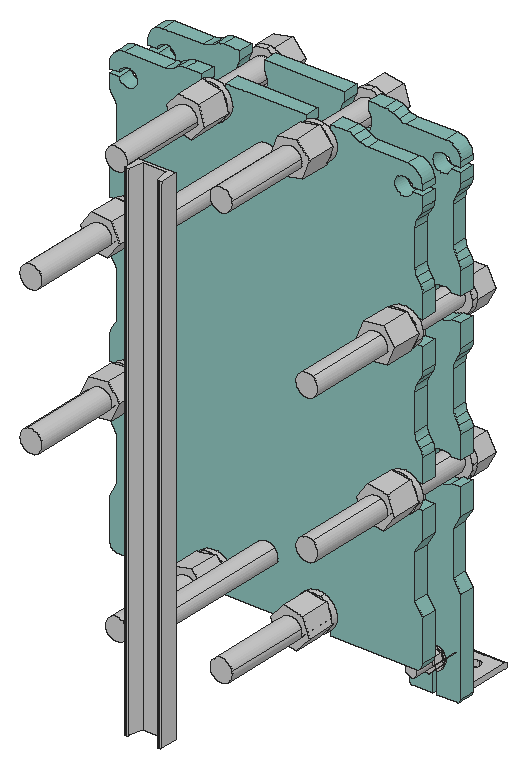
Revit family "Ekin_Endüstriyel - MIT510", category Specialty Equipment, Revit 2022 (continued)
Automatic sketch dimensions
  Extrusion 14 sketch curve to plane 3 "Center (Left/Right)" = 190.684 mm
  level to Extrusion 14 sketch curve = 35.713 mm  (x2)
  Extrusion 14 sketch curve to Extrusion 14 sketch curve = 2.901 mm  (x4)
  level to Extrusion 14 sketch curve = 58.549 mm  (x2)
  Extrusion 14 sketch curve to Extrusion 14 sketch curve = 10.284 mm  (x2)
  level to Extrusion 14 sketch curve = 31.451 mm  (x2)
  Extrusion 14 sketch curve to Extrusion 14 sketch curve = 13.184 mm  (x4)
  level to Extrusion 14 sketch curve = 54.287 mm  (x2)
  level to Extrusion 14 sketch curve = 40.737 mm  (x2)
  plane 3 "Center (Left/Right)" to Extrusion 14 sketch curve = 164.316 mm
  Extrusion 15 sketch curve to Extrusion 15 sketch curve = 0.00 mm  (x41)
  Extrusion 15 sketch curve to plane 3 "Center (Left/Right)" = 159.00 mm  (x2)
  Extrusion 15 sketch curve to Extrusion 15 sketch curve = 12.00 mm  (x16)
  Extrusion 15 sketch curve to Extrusion 15 sketch curve = 15.50 mm  (x18)
  Extrusion 15 sketch curve to Extrusion 15 sketch curve = 42.00 mm  (x24)
  Extrusion 15 sketch curve to Extrusion 15 sketch curve = 3.50 mm  (x22)
  plane 3 "Center (Left/Right)" to Extrusion 15 sketch curve = 44.00 mm  (x2)
  level to Extrusion 15 sketch curve = 132.50 mm  (x2)
  Extrusion 15 sketch curve to Extrusion 15 sketch curve = 265.00 mm
  Extrusion 15 sketch curve to Extrusion 15 sketch curve = 7.00 mm  (x16)
  Extrusion 15 sketch curve to Extrusion 15 sketch curve = 31.50 mm  (x4)
  Extrusion 16 sketch curve to Extrusion 16 sketch curve = 0.00 mm  (x41)
  Extrusion 16 sketch curve to plane 3 "Center (Left/Right)" = 143.50 mm  (x2)
  Extrusion 16 sketch curve to plane 3 "Center (Left/Right)" = 59.50 mm  (x4)
  plane 3 "Center (Left/Right)" to Extrusion 16 sketch curve = 59.50 mm  (x4)
  Extrusion 16 sketch curve to Extrusion 16 sketch curve = 84.00 mm  (x10)
  level to Extrusion 16 sketch curve = 148.00 mm  (x2)
  Extrusion 16 sketch curve to Extrusion 16 sketch curve = 296.00 mm
  Extrusion 16 sketch curve to Extrusion 16 sketch curve = 4.714 mm  (x32)
  Extrusion 16 sketch curve to Extrusion 16 sketch curve = 14.24 mm  (x16)
  Extrusion 17 sketch curve to plane 3 "Center (Left/Right)" = 157.635 mm  (x2)
  Extrusion 17 sketch curve to Extrusion 17 sketch curve = 0.00 mm  (x7)
  Extrusion 17 sketch curve to Extrusion 17 sketch curve = 4.536 mm  (x24)
  Extrusion 17 sketch curve to Extrusion 17 sketch curve = 9.599 mm  (x24)
  Extrusion 17 sketch curve to Extrusion 17 sketch curve = 14.135 mm  (x32)
  Extrusion 17 sketch curve to Extrusion 17 sketch curve = 55.731 mm  (x8)
  plane 3 "Center (Left/Right)" to Extrusion 17 sketch curve = 45.365 mm  (x4)
  level to Extrusion 17 sketch curve = 134.298 mm  (x2)
  Extrusion 17 sketch curve to Extrusion 17 sketch curve = 2.923 mm  (x25)
  Extrusion 17 sketch curve to Extrusion 17 sketch curve = 10.78 mm  (x23)
  Extrusion 17 sketch curve to Extrusion 17 sketch curve = 13.702 mm  (x32)
  Extrusion 17 sketch curve to Extrusion 17 sketch curve = 56.595 mm  (x8)
  Extrusion 17 sketch curve to Extrusion 17 sketch curve = 268.595 mm
  Extrusion 18 sketch curve to plane 3 "Center (Left/Right)" = 0.00 mm  (x2)
  level to Extrusion 18 sketch curve = 137.652 mm
  Extrusion 18 sketch curve to Extrusion 18 sketch curve = 484.697 mm
  Extrusion 19 sketch curve to plane 3 "Center (Left/Right)" = 25.00 mm
  Extrusion 19 sketch curve to Extrusion 19 sketch curve = 2.00 mm
  Extrusion 19 sketch curve to Extrusion 19 sketch curve = 1.416 mm  (x2)
  Extrusion 19 sketch curve to Extrusion 19 sketch curve = 1.947 mm  (x2)
  Extrusion 19 sketch curve to plane 8 "3" = 5.00 mm
  Extrusion 19 sketch curve to Extrusion 19 sketch curve = 9.708 mm  (x2)
  plane 3 "Center (Left/Right)" to Extrusion 19 sketch curve = 15.292 mm
  Extrusion 19 sketch curve to Extrusion 19 sketch curve = 4.345 mm
  Extrusion 19 sketch curve to Extrusion 19 sketch curve = 1.542 mm  (x2)
  Extrusion 20 sketch curve to Extrusion 20 sketch curve = 0.00 mm  (x24)
  Extrusion 20 sketch curve to level = 0.00 mm  (x2)
  Extrusion 20 sketch curve to plane 4 = 1372.50 mm
  Extrusion 20 sketch curve to Extrusion 20 sketch curve = 5.00 mm  (x3)
  Extrusion 20 sketch curve to Extrusion 20 sketch curve = 20.00 mm  (x2)
  Extrusion 20 sketch curve to Extrusion 20 sketch curve = 60.00 mm
  level to Extrusion 20 sketch curve = 34.00 mm
  Extrusion 20 sketch curve to Extrusion 20 sketch curve = 60.179 mm
  Extrusion 20 sketch curve to Extrusion 20 sketch curve = 17.321 mm  (x2)
  Extrusion 20 sketch curve to Extrusion 20 sketch curve = 33.00 mm  (x2)
  Extrusion 20 sketch curve to Extrusion 20 sketch curve = 8.00 mm
  Extrusion 20 sketch curve to Extrusion 20 sketch curve = 30.821 mm
  Extrusion 20 sketch curve to Extrusion 20 sketch curve = 44.00 mm
  Extrusion 20 sketch curve to Extrusion 20 sketch curve = 38.50 mm  (x2)
  Extrusion 20 sketch curve to plane 4 = 1089.00 mm  (x2)
  Extrusion 20 sketch curve to plane 4 = 1058.50 mm  (x2)
  Extrusion 20 sketch curve to plane 4 = 1045.00 mm
  Extrusion 20 sketch curve to plane 4 = 1017.50 mm
  level to Extrusion 20 sketch curve = 5.00 mm  (x2)
  Extrusion 20 sketch curve to plane 4 = 972.50 mm  (x2)
  Extrusion 20 sketch curve to plane 4 = 967.50 mm
  Extrusion 20 sketch curve to plane 4 = 952.50 mm
  Extrusion 20 sketch curve to Extrusion 20 sketch curve = 29.00 mm
  Extrusion 20 sketch curve to Extrusion 20 sketch curve = 25.00 mm  (x2)
  Extrusion 20 sketch curve to Extrusion 20 sketch curve = 98.00 mm  (x2)
  Extrusion 20 sketch curve to Extrusion 20 sketch curve = 90.00 mm  (x6)
  Extrusion 20 sketch curve to Extrusion 20 sketch curve = 200.00 mm  (x2)
  Extrusion 20 sketch curve to Extrusion 20 sketch curve = 15.00 mm  (x2)
  Extrusion 20 sketch curve to Extrusion 20 sketch curve = 10.00 mm
  Extrusion 20 sketch curve to Extrusion 20 sketch curve = 7.505 mm  (x8)
  Extrusion 20 sketch curve to Extrusion 20 sketch curve = 30.00 mm  (x4)
  Extrusion 20 sketch curve to Extrusion 20 sketch curve = 14.752 mm  (x8)
  Extrusion 20 sketch curve to Extrusion 20 sketch curve = 2.717 mm  (x4)
  Extrusion 20 sketch curve to Extrusion 20 sketch curve = 12.987 mm  (x4)
  Extrusion 21 sketch curve to Extrusion 21 sketch curve = 0.00 mm  (x21)
  Extrusion 21 sketch curve to plane 4 = 947.50 mm
  Extrusion 21 sketch curve to Extrusion 21 sketch curve = 20.00 mm  (x3)
  Extrusion 21 sketch curve to plane 4 = 972.50 mm  (x2)
  Extrusion 21 sketch curve to plane 4 = 1027.679 mm
  Extrusion 21 sketch curve to Extrusion 21 sketch curve = 17.321 mm  (x2)
  Extrusion 21 sketch curve to Extrusion 21 sketch curve = 44.00 mm  (x2)
  Extrusion 21 sketch curve to plane 4 = 1089.00 mm
  Extrusion 21 sketch curve to Extrusion 21 sketch curve = 71.00 mm  (x4)
  Extrusion 21 sketch curve to Extrusion 21 sketch curve = 55.18 mm
  level to Extrusion 21 sketch curve = 67.00 mm
  Extrusion 21 sketch curve to Extrusion 21 sketch curve = 121.50 mm
  Extrusion 21 sketch curve to Extrusion 21 sketch curve = 60.179 mm
  level to Extrusion 21 sketch curve = 92.00 mm  (x2)
  Extrusion 21 sketch curve to Extrusion 21 sketch curve = 45.50 mm
  Extrusion 21 sketch curve to Extrusion 21 sketch curve = 193.00 mm  (x2)
  Extrusion 21 sketch curve to Extrusion 21 sketch curve = 200.00 mm  (x2)
  Extrusion 21 sketch curve to Extrusion 21 sketch curve = 142.50 mm
  Extrusion 21 sketch curve to Extrusion 21 sketch curve = 180.00 mm  (x2)
  Extrusion 21 sketch curve to Extrusion 21 sketch curve = 15.00 mm  (x2)
  Extrusion 21 sketch curve to Extrusion 21 sketch curve = 10.00 mm
  Extrusion 21 sketch curve to Extrusion 21 sketch curve = 7.505 mm  (x8)
  Extrusion 21 sketch curve to Extrusion 21 sketch curve = 14.752 mm  (x8)
  Extrusion 21 sketch curve to Extrusion 21 sketch curve = 6.25 mm  (x2)
  Extrusion 21 sketch curve to Extrusion 21 sketch curve = 2.717 mm  (x4)
  Extrusion 21 sketch curve to Extrusion 21 sketch curve = 12.987 mm  (x4)
  Extrusion 22 sketch curve to Extrusion 22 sketch curve = 0.00 mm  (x9)
  Extrusion 22 sketch curve to plane 4 = 996.50 mm
  Extrusion 22 sketch curve to plane 4 = 1046.50 mm  (x2)
  Extrusion 22 sketch curve to plane 4 = 1058.50 mm  (x2)
  Extrusion 22 sketch curve to Extrusion 22 sketch curve = 98.50 mm  (x2)
  Extrusion 22 sketch curve to Extrusion 22 sketch curve = 15.00 mm  (x2)
  Extrusion 22 sketch curve to Extrusion 22 sketch curve = 86.50 mm  (x2)
  level to Extrusion 22 sketch curve = 124.50 mm  (x2)
  Extrusion 22 sketch curve to Extrusion 22 sketch curve = 12.00 mm  (x3)
  Extrusion 22 sketch curve to Extrusion 22 sketch curve = 62.00 mm
  Extrusion 22 sketch curve to Extrusion 22 sketch curve = 50.00 mm  (x2)
  Extrusion 22 sketch curve to Extrusion 22 sketch curve = 15.50 mm  (x4)
  Extrusion 22 sketch curve to Extrusion 22 sketch curve = 380.00 mm
  Extrusion 22 sketch curve to Extrusion 22 sketch curve = 53.50 mm
  Extrusion 22 sketch curve to Extrusion 22 sketch curve = 65.50 mm  (x2)
  Extrusion 22 sketch curve to plane 4 = 1023.75 mm  (x2)
  Extrusion 22 sketch curve to Extrusion 22 sketch curve = 34.75 mm  (x2)
  Extrusion 23 sketch curve to Extrusion 23 sketch curve = 0.00 mm  (x4)
  Extrusion 23 sketch curve to plane 4 = 1160.00 mm  (x2)
  level to Extrusion 23 sketch curve = 137.50 mm
  Extrusion 23 sketch curve to Extrusion 23 sketch curve = 485.00 mm
  Extrusion 23 sketch curve to Extrusion 23 sketch curve = 11.567 mm  (x4)
  Extrusion 23 sketch curve to Extrusion 23 sketch curve = 9.551 mm  (x2)
  Extrusion 24 sketch curve to Extrusion 24 sketch curve = 0.00 mm  (x18)
  Extrusion 24 sketch curve to plane 4 = 1347.50 mm
  Extrusion 24 sketch curve to Extrusion 24 sketch curve = 116.50 mm  (x2)
  level to Extrusion 24 sketch curve = 92.00 mm  (x2)
  Extrusion 24 sketch curve to plane 4 = 1089.00 mm  (x2)
  Extrusion 24 sketch curve to plane 4 = 972.50 mm  (x2)
  Extrusion 24 sketch curve to Extrusion 24 sketch curve = 188.00 mm  (x2)
  Extrusion 24 sketch curve to Extrusion 24 sketch curve = 200.00 mm  (x2)
  Extrusion 24 sketch curve to Extrusion 24 sketch curve = 185.00 mm
  Extrusion 24 sketch curve to Extrusion 24 sketch curve = 7.505 mm  (x8)
  Extrusion 24 sketch curve to Extrusion 24 sketch curve = 14.752 mm  (x8)
  Extrusion 24 sketch curve to Extrusion 24 sketch curve = 2.717 mm  (x4)
  Extrusion 24 sketch curve to Extrusion 24 sketch curve = 12.987 mm  (x4)
  Extrusion 25 sketch curve to plane 4 = 1373.77 mm
  Extrusion 25 sketch curve to Extrusion 25 sketch curve = 0.00 mm  (x2)
  Extrusion 25 sketch curve to Extrusion 25 sketch curve = 13.126 mm  (x4)
  Extrusion 25 sketch curve to Extrusion 25 sketch curve = 13.144 mm  (x4)
  Extrusion 25 sketch curve to Extrusion 25 sketch curve = 26.269 mm  (x8)
  Extrusion 25 sketch curve to Extrusion 25 sketch curve = 77.522 mm  (x2)
  level to Extrusion 25 sketch curve = 96.758 mm
  level to Extrusion 25 sketch curve = 72.005 mm
  Extrusion 25 sketch curve to Extrusion 25 sketch curve = 8.797 mm  (x4)
  level to Extrusion 25 sketch curve = 116.752 mm
  Extrusion 25 sketch curve to Extrusion 25 sketch curve = 17.038 mm  (x8)
  Extrusion 25 sketch curve to Extrusion 25 sketch curve = 25.835 mm  (x8)
  level to Extrusion 25 sketch curve = 67.247 mm  (x2)
  level to Extrusion 25 sketch curve = 87.241 mm
  Extrusion 25 sketch curve to Extrusion 25 sketch curve = 90.33 mm  (x2)
  Extrusion 25 sketch curve to plane 4 = 998.769 mm  (x2)
  Extrusion 25 sketch curve to plane 4 = 985.643 mm  (x2)
  Extrusion 25 sketch curve to plane 4 = 985.625 mm  (x2)
  Extrusion 25 sketch curve to Extrusion 25 sketch curve = 4.758 mm  (x4)
  Extrusion 25 sketch curve to Extrusion 25 sketch curve = 19.994 mm  (x6)
  Extrusion 25 sketch curve to Extrusion 25 sketch curve = 24.753 mm  (x6)
  Extrusion 25 sketch curve to Extrusion 25 sketch curve = 140.492 mm  (x2)
  Extrusion 25 sketch curve to Extrusion 25 sketch curve = 0.01 mm  (x6)
  Extrusion 25 sketch curve to Extrusion 25 sketch curve = 22.745 mm  (x6)
  Extrusion 25 sketch curve to Extrusion 25 sketch curve = 22.755 mm  (x8)
  Extrusion 25 sketch curve to Extrusion 25 sketch curve = 154.49 mm  (x2)
  Extrusion 25 sketch curve to Extrusion 25 sketch curve = 137.378 mm
  Extrusion 26 sketch curve to Extrusion 26 sketch curve = 0.00 mm  (x10)
  Extrusion 26 sketch curve to plane 4 = 1319.00 mm  (x2)
  level to Extrusion 26 sketch curve = 144.50 mm
  Extrusion 26 sketch curve to Extrusion 26 sketch curve = 12.00 mm  (x21)
  level to Extrusion 26 sketch curve = 132.50 mm
  Extrusion 26 sketch curve to Extrusion 26 sketch curve = 45.50 mm  (x16)
  Extrusion 26 sketch curve to Extrusion 26 sketch curve = 57.50 mm  (x2)
  Extrusion 26 sketch curve to Extrusion 26 sketch curve = 88.00 mm  (x2)
  Extrusion 26 sketch curve to plane 4 = 1058.50 mm  (x2)
  Extrusion 26 sketch curve to plane 4 = 1013.00 mm  (x4)
  Extrusion 26 sketch curve to plane 4 = 1001.00 mm  (x2)
  Extrusion 26 sketch curve to Extrusion 26 sketch curve = 265.00 mm
  Extrusion 26 sketch curve to Extrusion 26 sketch curve = 31.50 mm  (x4)
  Extrusion 27 sketch curve to level = 0.00 mm
  plane 5 to Extrusion 27 sketch curve = 787.50 mm
  plane 5 to Extrusion 27 sketch curve = 1212.50 mm
  level to Extrusion 27 sketch curve = 690.00 mm
  Extrusion 28 sketch curve to Extrusion 28 sketch curve = 0.00 mm  (x20)
  plane 5 to Extrusion 28 sketch curve = 1000.00 mm  (x2)
  plane 5 to Extrusion 28 sketch curve = 1071.00 mm  (x2)
  plane 5 to Extrusion 28 sketch curve = 1187.50 mm  (x2)
  Extrusion 28 sketch curve to Extrusion 28 sketch curve = 141.50 mm  (x2)
  plane 5 to Extrusion 28 sketch curve = 929.00 mm  (x2)
  plane 5 to Extrusion 28 sketch curve = 812.50 mm  (x2)
  level to Extrusion 28 sketch curve = 67.00 mm
  level to Extrusion 28 sketch curve = 92.00 mm  (x2)
  Extrusion 28 sketch curve to Extrusion 28 sketch curve = 45.50 mm
  Extrusion 28 sketch curve to Extrusion 28 sketch curve = 213.00 mm  (x2)
  Extrusion 28 sketch curve to Extrusion 28 sketch curve = 200.00 mm  (x2)
  Extrusion 28 sketch curve to Extrusion 28 sketch curve = 142.50 mm
  Extrusion 28 sketch curve to Extrusion 28 sketch curve = 42.50 mm  (x2)
  Extrusion 28 sketch curve to Extrusion 28 sketch curve = 25.00 mm
  plane 5 to Extrusion 28 sketch curve = 1011.567 mm  (x2)
  Extrusion 28 sketch curve to Extrusion 28 sketch curve = 14.752 mm  (x8)
  Extrusion 28 sketch curve to Extrusion 28 sketch curve = 7.505 mm  (x8)
  plane 5 to Extrusion 28 sketch curve = 988.433 mm  (x2)
  Extrusion 28 sketch curve to Extrusion 28 sketch curve = 2.717 mm  (x4)
  Extrusion 28 sketch curve to Extrusion 28 sketch curve = 9.551 mm  (x2)
  Extrusion 28 sketch curve to Extrusion 28 sketch curve = 12.987 mm  (x4)
  plane 5 to Extrusion 29 sketch curve = 1000.00 mm  (x2)
  plane 5 to Extrusion 29 sketch curve = 1015.00 mm
  Extrusion 29 sketch curve to Extrusion 29 sketch curve = 15.00 mm
  Extrusion 29 sketch curve to Extrusion 29 sketch curve = 148.50 mm  (x2)
  level to Extrusion 29 sketch curve = 124.50 mm
  Extrusion 29 sketch curve to Extrusion 29 sketch curve = 0.00 mm
  Extrusion 29 sketch curve to Extrusion 29 sketch curve = 12.00 mm  (x3)
  Extrusion 29 sketch curve to Extrusion 29 sketch curve = 487.00 mm
  Extrusion 30 sketch curve to Extrusion 30 sketch curve = 0.00 mm  (x4)
  plane 5 to Extrusion 30 sketch curve = 1000.00 mm  (x2)
  level to Extrusion 30 sketch curve = 137.50 mm
  Extrusion 30 sketch curve to Extrusion 30 sketch curve = 485.00 mm
  plane 5 to Extrusion 30 sketch curve = 988.433 mm  (x2)
  plane 5 to Extrusion 30 sketch curve = 1011.567 mm  (x2)
  Extrusion 30 sketch curve to Extrusion 30 sketch curve = 9.551 mm  (x2)
  Extrusion 31 sketch curve to Extrusion 31 sketch curve = 0.00 mm  (x17)
  plane 5 to Extrusion 31 sketch curve = 812.50 mm  (x2)
  plane 5 to Extrusion 31 sketch curve = 929.00 mm  (x2)
  plane 5 to Extrusion 31 sketch curve = 1071.00 mm  (x2)
  plane 5 to Extrusion 31 sketch curve = 1187.50 mm  (x2)
  level to Extrusion 31 sketch curve = 92.00 mm  (x2)
  Extrusion 31 sketch curve to Extrusion 31 sketch curve = 188.00 mm  (x2)
  Extrusion 31 sketch curve to Extrusion 31 sketch curve = 200.00 mm  (x2)
  Extrusion 31 sketch curve to Extrusion 31 sketch curve = 185.00 mm
  Extrusion 31 sketch curve to Extrusion 31 sketch curve = 7.505 mm  (x8)
  Extrusion 31 sketch curve to Extrusion 31 sketch curve = 14.752 mm  (x8)
  Extrusion 31 sketch curve to Extrusion 31 sketch curve = 2.717 mm  (x4)
  Extrusion 31 sketch curve to Extrusion 31 sketch curve = 12.987 mm  (x4)
  level to Extrusion 32 sketch curve = 45.00 mm  (x2)
  plane 5 to Extrusion 32 sketch curve = 822.50 mm
  plane 5 to Extrusion 32 sketch curve = 1177.50 mm
  plane 5 to Extrusion 33 sketch curve = 841.00 mm  (x2)
  Extrusion 33 sketch curve to Extrusion 33 sketch curve = 12.00 mm  (x24)
  plane 5 to Extrusion 33 sketch curve = 944.00 mm  (x4)
  plane 5 to Extrusion 33 sketch curve = 1044.00 mm  (x2)
  Extrusion 33 sketch curve to Extrusion 33 sketch curve = 91.00 mm  (x10)
  level to Extrusion 33 sketch curve = 132.50 mm
  Extrusion 33 sketch curve to Extrusion 33 sketch curve = 0.00 mm  (x4)
  Extrusion 33 sketch curve to Extrusion 33 sketch curve = 265.00 mm
  plane 5 to Extrusion 34 sketch curve = 975.00 mm
  plane 5 to Extrusion 34 sketch curve = 1025.00 mm
  Extrusion 35 sketch curve to plane 4 = 1185.00 mm
  Extrusion 35 sketch curve to Extrusion 35 sketch curve = 5.363 mm  (x2)
  Extrusion 35 sketch curve to Extrusion 35 sketch curve = 39.274 mm
  Extrusion 36 sketch curve to Extrusion 27 = 0.00 mm
  Extrusion 36 sketch curve to Extrusion 27 = 4.50 mm
  Extrusion 27 to Extrusion 36 sketch curve = 67.00 mm
  Extrusion 36 sketch curve to Extrusion 36 sketch curve = 3.00 mm
  Extrusion 27 to Extrusion 36 sketch curve = 12.50 mm
  Extrusion 27 to Extrusion 36 sketch curve = 0.00 mm
  Extrusion 36 sketch curve to Extrusion 36 sketch curve = 5.00 mm
  Extrusion 36 sketch curve to Extrusion 36 sketch curve = 55.50 mm
  Extrusion 36 sketch curve to Extrusion 36 sketch curve = 0.00 mm
  Extrusion 36 sketch curve to Extrusion 27 = 1.00 mm
  Extrusion 36 sketch curve to Extrusion 36 sketch curve = 2.00 mm
  Extrusion 37 sketch curve to Extrusion 37 sketch curve = 25.00 mm  (x3)
  Extrusion 37 sketch curve to Extrusion 37 sketch curve = 9.00 mm  (x2)
  Extrusion 37 sketch curve to Extrusion 37 sketch curve = 0.00 mm  (x4)
  plane 1 "Center (Front/Back)" to Extrusion 37 sketch curve = 0.00 mm
  plane 9 "Bolt End" to Extrusion 37 sketch curve = 26.30 mm  (x2)
  Extrusion 37 sketch curve to plane 3 "Center (Left/Right)" = 177.50 mm
  plane 3 "Center (Left/Right)" to Extrusion 37 sketch curve = 152.50 mm
  radius of Extrusion 2 to Extrusion 8 sketch curve = 4.00 mm  (x2)
  radius of Extrusion 11 sketch curve = 15.00 mm  (x2)
  radius of Extrusion 13 sketch curve = 15.00 mm  (x2)
  radius of Extrusion 18 sketch curve = 9.00 mm  (x2)
  radius of Extrusion 32 sketch curve = 15.00 mm  (x2)
Connectors
  piping at (-101.5, 15, 570), diameter 50.8
    settings: on Extrusion 26, index 1, connector inside diameter 609.6 mm, connector length 0.00 mm, flow factor 0, pipe flow 0.0 L/s, pressure drop 0 bar, fitting loss kfactor 0, connector angle 0.00°, fixture units 0, engagement length 0.00 mm, angle of deflection 0.00°, flow configuration 0, flow direction 2, fitting loss method 0, system type 7, joint type 0, gender type 0, connector reference index -1, connector utility 0, adjustable connector no, is connector primary yes, connector description ""
  piping at (101.5, 15, 190), diameter 50.8
    settings: on Extrusion 26, index 2, connector inside diameter 609.6 mm, connector length 0.00 mm, flow factor 0, pipe flow 0.0 L/s, pressure drop 0 bar, fitting loss kfactor 0, connector angle 0.00°, fixture units 0, engagement length 0.00 mm, angle of deflection 0.00°, flow configuration 0, flow direction 2, fitting loss method 0, system type 7, joint type 0, gender type 0, connector reference index -1, connector utility 0, adjustable connector no, is connector primary no, connector description ""
  piping at (101.5, 15, 570), diameter 50.8
    settings: on Extrusion 26, index 3, connector inside diameter 609.6 mm, connector length 0.00 mm, flow factor 0, pipe flow 0.0 L/s, pressure drop 0 bar, fitting loss kfactor 0, connector angle 0.00°, fixture units 0, engagement length 0.00 mm, angle of deflection 0.00°, flow configuration 0, flow direction 1, fitting loss method 0, system type 7, joint type 0, gender type 0, connector reference index -1, connector utility 0, adjustable connector no, is connector primary no, connector description ""
  piping at (-101.5, 15, 190), diameter 50.8
    settings: on Extrusion 26, index 4, connector inside diameter 609.6 mm, connector length 0.00 mm, flow factor 0, pipe flow 0.0 L/s, pressure drop 0 bar, fitting loss kfactor 0, connector angle 0.00°, fixture units 0, engagement length 0.00 mm, angle of deflection 0.00°, flow configuration 0, flow direction 1, fitting loss method 0, system type 7, joint type 0, gender type 0, connector reference index -1, connector utility 0, adjustable connector no, is connector primary no, connector description ""
